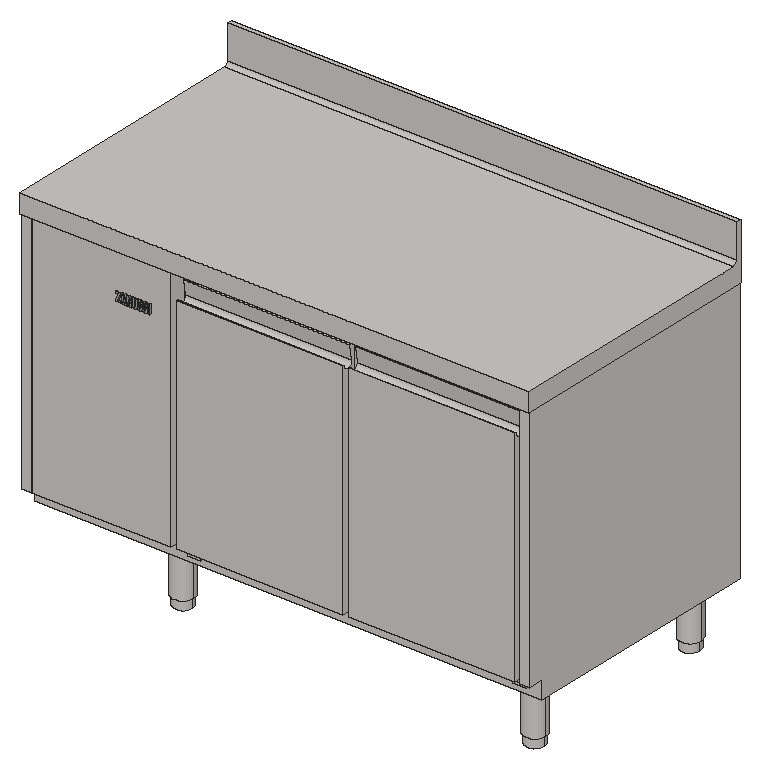
Revit family "QF_ZANUSSI_111068_ZH2K3AA", category Specialty Equipment, Revit 2018
Family settings
  Round Connector Dimension = Use Diameter
  Part Type = Normal
  Work Plane-Based = No
  Always vertical = Yes
  Cut with Voids When Loaded = No
  Shared = No
  Room Calculation Point = No
Parameters
  Weight = 0.00 kg
  Watts = 0.0418064 W
  Volts = 220 V
  URL Manufacturer = "http://www.zanussiprofessional.com/"
  URL = "http://www.zanussiprofessional.com/"
  Steam Supply Size = 0 mm
  Steam Supply Minimum Pressure = 0.0 Pa
  Steam Supply Maximum Pressure = 0.0 Pa
  Steam Pounds per Hour = 0
  Show Logo [instance] = yes
  Show Clearance [instance] = yes
  Refrigeration Suction Line Size = 0 mm
  Refrigeration Liquid Line Size = 0 mm
  Refrigerant Compressor Remote = yes
  Manufacturer = "Zanussi"
  Phase = 1
  Model = "ZH2K3AA"
  Length Actual = 1345 mm  # constant formula
  Item Number = "111068"
  Hot Water Size = 0 mm
  Height Actual = 1000 mm  # constant formula
  HP = "0.6 HP"
  Gas Size = 0 mm
  Gas KW = 0
  Gas Input Pressure = 0 W
  Description = "2 DOORS FREEZER TABLE 290L-SPLASHB"
  Depth Actual = 700 mm  # constant formula
  Cycle = 50 Hz
  Condensate Return Size = 0 mm
  Compressed Air Volume = 0.0 L/s
  Compressed Air Size = 0 mm
  Compressed Air Pressure = 0.0 Pa
  Cold Water Size = 0 mm
  Accessory = yes
Reference planes
  plane 1 "Center X": y = 182.5
  plane 2: z = 0
  plane 3 "Center Y": x = -126.5
  plane 4: y = -62.5
  plane 5: y = 451.5
  plane 6 "BACK": y = 532.5
  plane 7 "FRONT": y = -167.5
  plane 8: x = -452
  plane 9: x = 478
  plane 10: z = 150
  plane 11 "TOP": z = 900
  plane 12: z = 850
  plane 13 "LEFT": x = -797
  plane 14 "RIGHT": x = 544
  plane 15: x = -799
  plane 16: x = 546
Forms (mm)
  Extrusion 1, solid, material "QF_Finishes_Stainless Steel"
    sketch origin (-126.5, 2, 0) x (0, 1, 0) y (0, 0, 1)
      loop
        line (530.5, 150) -> (530.5, 850) -> (-124.5, 850) -> (-124.5, 150) -> (530.5, 150)
    from -670.5 to 670.5
  Extrusion 2, solid, material "QF_Finishes_Stainless Steel"
    sketch origin (-1022.223, -1524, 150) x (-1, 0, 0) y (0, -1, 0)
      loop
        line (-225.223, -1361.5) -> (-250.223, -1361.5) -> (-250.223, -1401.5) -> (-225.223, -1401.5) -> (-225.223, -1361.5)
      loop
        line (-1566.223, -1401.5) -> (-1541.223, -1401.5) -> (-1541.223, -1361.5) -> (-1566.223, -1361.5) -> (-1566.223, -1401.5)
    from 47 to 700
  Extrusion 3, solid, material "QF_Finishes_Stainless Steel"
    sketch origin (0, 0, 900) x (-1, 0, 0) y (0, -1, 0)
      loop
        circle (-57, -94.5) r 8.45
    from -790.577 to -750
  Extrusion 4, solid, material "QF_Finishes_Stainless Steel"
    sketch origin (0, 0, 0) x (1, 0, 0) y (0, 1, 0)
      loop
        circle (-713, 451.5) r 4
    from 109.423 to 150
  Extrusion 5, solid, material "QF_Finishes_Stainless Steel"
    sketch origin (-126.5, 0, 0) x (0, 1, 0) y (0, 0, 1)
      loop
        line (-167.5, 900) -> (-167.5, 850) -> (532.5, 850) -> (532.5, 1000) -> (519.5, 1000) -> (519.5, 910)
        arc (519.5, 910) -> (516.571, 902.929) -> (509.5, 900) r 10
        line (509.5, 900) -> (-167.5, 900)
    from 672.5 to -672.5
Cuts and joins
  joined: Extrusion 1, Extrusion 2
Lines and regions (mm)
  symbolic lines, style "SpecialityEquipmentHiddenLines"
    curve 1: line (-799, -122.5, 900) -> (546, -122.5, 900)
    curve 2: line (-396, -167.5, 900) -> (-396, -122.5, 900)
  symbolic lines, style "SpecialityEquipment"
    curve 3: line (-799, 532.5, 900) -> (546, 532.5, 900)
    curve 4: line (-799, 532.5, 900) -> (-799, -167.5, 900)
    curve 5: line (-799, -167.5, 900) -> (546, -167.5, 900)
    curve 6: line (546, -167.5, 900) -> (546, 532.5, 900)
    curve 7: line (-799, 519.5, 900) -> (546, 519.5, 900)
Dimensions and locks
  locked: plane 6 "BACK" to plane 7 "FRONT" at 700
  equal spacing: plane 6 "BACK", plane 1 "Center X", plane 7 "FRONT"
  locked: plane 6 "BACK" to plane 5 at 81
  plane 10 to level = 150 mm
  plane 11 "TOP" to plane 12 to plane 10 = 50 mm locked, 700 mm locked
  locked: Extrusion 2 sketch curve to Extrusion 2 sketch curve at 25  (x2)
  locked: plane 4 to plane 7 "FRONT" at 105
  locked: plane 6 "BACK" to Extrusion 3 sketch curve at 438
  equal spacing: plane 13 "LEFT", plane 3 "Center Y", plane 14 "RIGHT"
  plane 15 to plane 16 = 1345 mm
  locked: plane 13 "LEFT" to plane 8 at 345
  locked: plane 9 to plane 14 "RIGHT" at 66
  locked: Extrusion 3 sketch curve to plane 14 "RIGHT" at 487
  plane 13 "LEFT" to Extrusion 4 sketch curve = 84 mm
  locked: plane 6 "BACK" to Extrusion 4 sketch curve at 81
  locked: plane 10 to Extrusion 4 at 40.577
  aligned and locked: level to plane 2
  aligned and locked: plane 10 to Extrusion 3
  aligned and locked: nested 4 to plane 4
  aligned and locked: nested 1 to plane 4
  aligned and locked: nested 3 to plane 5
  aligned and locked: nested 2 to plane 5
  aligned and locked: plane 8 to nested 1
  aligned and locked: plane 8 to nested 2
  aligned and locked: plane 9 to nested 4
  aligned and locked: plane 9 to nested 3
  aligned and locked: Extrusion 1 to Extrusion 2
  aligned and locked: Extrusion 2 to Extrusion 1
  aligned and locked: Extrusion 2 sketch curve to plane 14 "RIGHT"
  aligned and locked: plane 13 "LEFT" to Extrusion 2 sketch curve
  aligned and locked: cut or joined group of Extrusion 1, Extrusion 2 to plane 10
  aligned and locked: plane 12 to cut or joined group of Extrusion 1, Extrusion 2
  aligned and locked: plane 10 to Extrusion 4
  aligned and locked: Extrusion 5 sketch curve to plane 11 "TOP"
  aligned and locked: plane 7 "FRONT" to Extrusion 5 sketch curve
  aligned and locked: Extrusion 5 sketch curve to cut or joined group of Extrusion 1, Extrusion 2  (x2)
  aligned and locked: Extrusion 5 to curve 3
Automatic sketch dimensions
  plane 7 "FRONT" to Extrusion 2 sketch curve = 45 mm  (x2)
  plane 7 "FRONT" to Extrusion 2 sketch curve = 5 mm  (x2)
  Extrusion 1 sketch curve to plane 10 = 0 mm
  Extrusion 1 sketch curve to plane 12 = 0 mm
  Extrusion 1 sketch curve to plane 6 "BACK" = 0 mm
  plane 7 "FRONT" to Extrusion 1 sketch curve = 45 mm
  plane 11 "TOP" to Extrusion 5 sketch curve = 10 mm
  Extrusion 5 sketch curve to plane 6 "BACK" = 23 mm
  Extrusion 5 sketch curve to Extrusion 5 sketch curve = 90 mm
  curve 2 to plane 7 "FRONT" = 0 mm
  curve 5 to plane 15 = 0 mm
  curve 3 to plane 6 "BACK" = 0 mm
  plane 8 to curve 2 = 56 mm
  curve 7 to plane 6 "BACK" = 13 mm
  plane 7 "FRONT" to curve 1 = 45 mm
  radius of Extrusion 3 sketch curve = 8.45 mm
  radius of Extrusion 4 sketch curve = 4 mm
Nested families
  nested 1: "Foot_Ø50_H150" at (-452, -62.5, 0), type "Foot_Ø50_H150"
  nested 2: "Foot_Ø50_H150" at (-452, 451.5, 0), type "Foot_Ø50_H150"
  nested 3: "Foot_Ø50_H150" at (478, 451.5, 0), type "Foot_Ø50_H150"
  nested 4: "Foot_Ø50_H150" at (478, -62.5, 0), type "Foot_Ø50_H150"
  nested 5: "Door" at (285, -164.5, 0), Show Clearance <- "Show Clearance", type "Door"
  nested 6: "Door" at (-169, -164.5, 0) x (-1, 0, 0) z (0, 0, 1), Show Clearance <- "Show Clearance", type "Door"
  nested 7: "Freezer" at (544, -167.5, 900), type "Freezer"
  nested 8: "ZAN_Cooling Unit" at (-587.5, -164.5, 0), Show Logo <- "Show Logo", type "ZAN_Cooling Unit"
Connectors
  electrical at (-713, 451.5, 109.423), driven by "Volts"
    settings: on Extrusion 4, index 4, voltage 220 V, apparent load 0 VA, apparent load phase1 0 VA, apparent load phase2 0 VA, apparent load phase3 0 VA, power factor 1, load classification "Altro", number of poles 1, system type 30, power factor state 1, is connector primary yes, connector utility no, sub classification motor no, connector description "Electrical Connection"
  piping at (57, 94.5, 109.423), diameter 17
    settings: on Extrusion 3, index 5, connector inside diameter 609.6 mm, connector length 0 mm, flow factor 0, pipe flow 0.0 L/s, pressure drop 0.0 Pa, fitting loss kfactor 0, connector angle 0.00°, fixture units 0, engagement length 0 mm, angle of deflection 0.00°, flow configuration 1, flow direction 2, fitting loss method 0, system type 16, joint type 0, gender type 0, connector reference index -1, connector utility 0, adjustable connector no, is connector primary yes, connector description "Drain"
Definition of nested family "Foot_Ø50_H150"
  Reference planes
    plane 1 "Centro (Fronte/Retro)": y = 0
    plane 2: z = 0
    plane 3 "Centro (Sinistra/Destra)": x = 0
    plane 4: z = 150
  Forms (mm)
    Revolve 1, solid
      sketch origin (255.05, 0, 608.09) x (0, 0, 1) y (-1, 0, 0)
        loop
          line (-608.09, 255.05) -> (-608.09, 230.05) -> (-583.09, 230.05) -> (-583.09, 226.05) -> (-458.09, 226.05) -> (-458.09, 255.05) -> (-608.09, 255.05)
        axis (-608.09, 255.05) -> (-458.09, 255.05)
      angle from 0 to 360
  Dimensions and locks
    locked: Revolve 1 sketch curve to Revolve 1 sketch curve at 125
    aligned and locked: level to plane 2
    aligned and locked: plane 4 to Revolve 1 sketch curve
    aligned and locked: Revolve 1 sketch curve to level
    aligned and locked: plane 3 "Centro (Sinistra/Destra)" to Revolve 1 sketch curve
Definition of nested family "Door"
  Parameters
    Show Clearance [instance] = yes
  Reference planes
    plane 1 "FRONT": y = -3
    plane 2: z = 0
    plane 3 "Centro (Sinistra/Destra)": x = 0
    plane 4: z = 150
    plane 5: z = 850
    plane 6: x = -234
    plane 7: x = 234
    plane 8: x = -220
    plane 9: x = 220
  Forms (mm)
    Extrusion 1, solid
      sketch origin (0, 53, 511) x (0, 0, 1) y (0, -1, 0)
        loop
          line (-323.003, 28.5) -> (-316.501, 28.5) -> (-316.501, 31) -> (-325.503, 31) -> (-325.503, 13.5) -> (-345.503, 13.5) -> (-345.503, 11) -> (-323.003, 11) -> (-323.003, 23.259) -> (-323.003, 28.5)
        loop
          line (-314, 27) -> (-316.501, 27) -> (-316.501, 18.501) -> (-319.752, 18.501) -> (-319.752, 16) -> (-314, 16) -> (-314, 27)
        loop
          line (315.003, 27) -> (315.003, 13.948) -> (315.003, 11) -> (327.503, 11) -> (327.503, 13.5) -> (317.503, 13.5) -> (317.503, 27) -> (315.003, 27)
      from 185 to 220
    Extrusion 2, solid, visible <- "Show Clearance", detail levels coarse
      sketch origin (0, 53, 511) x (0, -1, 0) y (1, 0, 0)
        loop
          line (51, 220) -> (51, -220)
          arc (51, -220) -> (339.234, -79.44) -> (454, 220) r 437.168
          line (454, 220) -> (51, 220)
      from -314 to 314
    Extrusion 3, solid
      sketch origin (0, 55, 511) x (0, 0, 1) y (0, -1, 0)
        loop
          line (314, 18) -> (314, 29) -> (274.395, 22.5)
          arc (274.395, 22.5) -> (260.395, 36.5) -> (274.395, 50.5) r 14
          line (274.395, 50.5) -> (274.395, 53) -> (-314, 53) -> (-314, 18) -> (314, 18)
      from -220 to 220
  Lines and regions (mm)
    symbolic lines
      curve 1: line (220, -3, 0) -> (220, -401, 0)
      curve 2: line (220, -401, 0) -> (185, -401, 0)
      curve 3: line (185, -401, 0) -> (185, -3, 0)
      curve 4: arc (-219.722, -3, 0) -> (-89.51, -275.368, 0) -> (185, -401, 0) r 442.855
  Dimensions and locks
    aligned and locked: level to plane 2
Definition of nested family "ZAN_Cooling Unit"
  Parameters
    Show Logo [instance] = yes
  Reference planes
    plane 1 "FRONT": y = -3
    plane 2: z = 0
    plane 3 "Centro (Sinistra/Destra)": x = 0
    plane 4: z = 150
    plane 5: z = 850
    plane 6: x = -184.5
    plane 7: x = 184.5
  Forms (mm)
    Extrusion 1, solid
      sketch origin (0, 55, 511) x (0, 0, 1) y (0, -1, 0)
        loop
          line (-314, 53) -> (-314, 13) -> (339, 13) -> (339, 53) -> (-314, 53)
      from -184.5 to 184.5
  Lines and regions (mm)
    Split face 1
      outline origin (0, 2, 197) x (0, 0, 1) y (-1, 0, 0)
        loop
          line (566.835, 184.5) -> (566.835, -184.5)
        loop
          line (521.835, 184.5) -> (521.835, -184.5)
    Split face 2
      outline origin (0, 2, 197) x (0, 0, 1) y (-1, 0, 0)
        loop
          arc (510.649, 158.547) -> (506.648, 162.548) -> (502.647, 158.547) r 4.001
          line (502.647, 158.547) -> (502.647, 116.535)
          arc (502.647, 116.535) -> (506.648, 112.533) -> (510.649, 116.535) r 4.001
          line (510.649, 116.535) -> (510.649, 158.547)
    Split face 3
      outline origin (0, 2, 184.996) x (0, 0, 1) y (-1, 0, 0)
        loop
          arc (510.649, 158.547) -> (506.648, 162.548) -> (502.647, 158.547) r 4.001
          line (502.647, 158.547) -> (502.647, 116.535)
          arc (502.647, 116.535) -> (506.648, 112.533) -> (510.649, 116.535) r 4.001
          line (510.649, 116.535) -> (510.649, 158.547)
    Split face 4
      outline origin (0, 2, 172.993) x (0, 0, 1) y (-1, 0, 0)
        loop
          arc (510.649, 158.547) -> (506.648, 162.548) -> (502.647, 158.547) r 4.001
          line (502.647, 158.547) -> (502.647, 116.535)
          arc (502.647, 116.535) -> (506.648, 112.533) -> (510.649, 116.535) r 4.001
          line (510.649, 116.535) -> (510.649, 158.547)
    Split face 5
      outline origin (0, 2, 160.989) x (0, 0, 1) y (-1, 0, 0)
        loop
          arc (510.649, 158.547) -> (506.648, 162.548) -> (502.647, 158.547) r 4.001
          line (502.647, 158.547) -> (502.647, 116.535)
          arc (502.647, 116.535) -> (506.648, 112.533) -> (510.649, 116.535) r 4.001
          line (510.649, 116.535) -> (510.649, 158.547)
    Split face 6
      outline origin (0, 2, 148.986) x (0, 0, 1) y (-1, 0, 0)
        loop
          arc (510.649, 158.547) -> (506.648, 162.548) -> (502.647, 158.547) r 4.001
          line (502.647, 158.547) -> (502.647, 116.535)
          arc (502.647, 116.535) -> (506.648, 112.533) -> (510.649, 116.535) r 4.001
          line (510.649, 116.535) -> (510.649, 158.547)
    Split face 7
      outline origin (0, 2, 136.982) x (0, 0, 1) y (-1, 0, 0)
        loop
          arc (510.649, 158.547) -> (506.648, 162.548) -> (502.647, 158.547) r 4.001
          line (502.647, 158.547) -> (502.647, 116.535)
          arc (502.647, 116.535) -> (506.648, 112.533) -> (510.649, 116.535) r 4.001
          line (510.649, 116.535) -> (510.649, 158.547)
    Split face 8
      outline origin (0, 2, 124.979) x (0, 0, 1) y (-1, 0, 0)
        loop
          arc (510.649, 158.547) -> (506.648, 162.548) -> (502.647, 158.547) r 4.001
          line (502.647, 158.547) -> (502.647, 116.535)
          arc (502.647, 116.535) -> (506.648, 112.533) -> (510.649, 116.535) r 4.001
          line (510.649, 116.535) -> (510.649, 158.547)
    Split face 9
      outline origin (0, 2, 112.975) x (0, 0, 1) y (-1, 0, 0)
        loop
          arc (510.649, 158.547) -> (506.648, 162.548) -> (502.647, 158.547) r 4.001
          line (502.647, 158.547) -> (502.647, 116.535)
          arc (502.647, 116.535) -> (506.648, 112.533) -> (510.649, 116.535) r 4.001
          line (510.649, 116.535) -> (510.649, 158.547)
    Split face 10
      outline origin (0, 2, 100.972) x (0, 0, 1) y (-1, 0, 0)
        loop
          arc (510.649, 158.547) -> (506.648, 162.548) -> (502.647, 158.547) r 4.001
          line (502.647, 158.547) -> (502.647, 116.535)
          arc (502.647, 116.535) -> (506.648, 112.533) -> (510.649, 116.535) r 4.001
          line (510.649, 116.535) -> (510.649, 158.547)
    Split face 11
      outline origin (0, 2, 88.968) x (0, 0, 1) y (-1, 0, 0)
        loop
          arc (510.649, 158.547) -> (506.648, 162.548) -> (502.647, 158.547) r 4.001
          line (502.647, 158.547) -> (502.647, 116.535)
          arc (502.647, 116.535) -> (506.648, 112.533) -> (510.649, 116.535) r 4.001
          line (510.649, 116.535) -> (510.649, 158.547)
    Split face 12
      outline origin (0, 2, 76.965) x (0, 0, 1) y (-1, 0, 0)
        loop
          arc (510.649, 158.547) -> (506.648, 162.548) -> (502.647, 158.547) r 4.001
          line (502.647, 158.547) -> (502.647, 116.535)
          arc (502.647, 116.535) -> (506.648, 112.533) -> (510.649, 116.535) r 4.001
          line (510.649, 116.535) -> (510.649, 158.547)
    Split face 13
      outline origin (0, 2, 64.961) x (0, 0, 1) y (-1, 0, 0)
        loop
          arc (510.649, 158.547) -> (506.648, 162.548) -> (502.647, 158.547) r 4.001
          line (502.647, 158.547) -> (502.647, 116.535)
          arc (502.647, 116.535) -> (506.648, 112.533) -> (510.649, 116.535) r 4.001
          line (510.649, 116.535) -> (510.649, 158.547)
    Split face 14
      outline origin (0, 2, 52.958) x (0, 0, 1) y (-1, 0, 0)
        loop
          arc (510.649, 158.547) -> (506.648, 162.548) -> (502.647, 158.547) r 4.001
          line (502.647, 158.547) -> (502.647, 116.535)
          arc (502.647, 116.535) -> (506.648, 112.533) -> (510.649, 116.535) r 4.001
          line (510.649, 116.535) -> (510.649, 158.547)
    Split face 15
      outline origin (0, 2, 40.954) x (0, 0, 1) y (-1, 0, 0)
        loop
          arc (510.649, 158.547) -> (506.648, 162.548) -> (502.647, 158.547) r 4.001
          line (502.647, 158.547) -> (502.647, 116.535)
          arc (502.647, 116.535) -> (506.648, 112.533) -> (510.649, 116.535) r 4.001
          line (510.649, 116.535) -> (510.649, 158.547)
    Split face 16
      outline origin (0, 2, 28.951) x (0, 0, 1) y (-1, 0, 0)
        loop
          arc (510.649, 158.547) -> (506.648, 162.548) -> (502.647, 158.547) r 4.001
          line (502.647, 158.547) -> (502.647, 116.535)
          arc (502.647, 116.535) -> (506.648, 112.533) -> (510.649, 116.535) r 4.001
          line (510.649, 116.535) -> (510.649, 158.547)
    Split face 17
      outline origin (0, 2, 16.947) x (0, 0, 1) y (-1, 0, 0)
        loop
          arc (510.649, 158.547) -> (506.648, 162.548) -> (502.647, 158.547) r 4.001
          line (502.647, 158.547) -> (502.647, 116.535)
          arc (502.647, 116.535) -> (506.648, 112.533) -> (510.649, 116.535) r 4.001
          line (510.649, 116.535) -> (510.649, 158.547)
    Split face 18
      outline origin (55.016, 2, 197) x (0, 0, 1) y (-1, 0, 0)
        loop
          arc (510.649, 158.547) -> (506.648, 162.548) -> (502.647, 158.547) r 4.001
          line (502.647, 158.547) -> (502.647, 116.535)
          arc (502.647, 116.535) -> (506.648, 112.533) -> (510.649, 116.535) r 4.001
          line (510.649, 116.535) -> (510.649, 158.547)
    Split face 19
      outline origin (55.016, 2, 184.996) x (0, 0, 1) y (-1, 0, 0)
        loop
          arc (510.649, 158.547) -> (506.648, 162.548) -> (502.647, 158.547) r 4.001
          line (502.647, 158.547) -> (502.647, 116.535)
          arc (502.647, 116.535) -> (506.648, 112.533) -> (510.649, 116.535) r 4.001
          line (510.649, 116.535) -> (510.649, 158.547)
    Split face 20
      outline origin (55.016, 2, 172.993) x (0, 0, 1) y (-1, 0, 0)
        loop
          arc (510.649, 158.547) -> (506.648, 162.548) -> (502.647, 158.547) r 4.001
          line (502.647, 158.547) -> (502.647, 116.535)
          arc (502.647, 116.535) -> (506.648, 112.533) -> (510.649, 116.535) r 4.001
          line (510.649, 116.535) -> (510.649, 158.547)
    Split face 21
      outline origin (55.016, 2, 160.989) x (0, 0, 1) y (-1, 0, 0)
        loop
          arc (510.649, 158.547) -> (506.648, 162.548) -> (502.647, 158.547) r 4.001
          line (502.647, 158.547) -> (502.647, 116.535)
          arc (502.647, 116.535) -> (506.648, 112.533) -> (510.649, 116.535) r 4.001
          line (510.649, 116.535) -> (510.649, 158.547)
    Split face 22
      outline origin (55.016, 2, 148.986) x (0, 0, 1) y (-1, 0, 0)
        loop
          arc (510.649, 158.547) -> (506.648, 162.548) -> (502.647, 158.547) r 4.001
          line (502.647, 158.547) -> (502.647, 116.535)
          arc (502.647, 116.535) -> (506.648, 112.533) -> (510.649, 116.535) r 4.001
          line (510.649, 116.535) -> (510.649, 158.547)
    Split face 23
      outline origin (55.016, 2, 136.982) x (0, 0, 1) y (-1, 0, 0)
        loop
          arc (510.649, 158.547) -> (506.648, 162.548) -> (502.647, 158.547) r 4.001
          line (502.647, 158.547) -> (502.647, 116.535)
          arc (502.647, 116.535) -> (506.648, 112.533) -> (510.649, 116.535) r 4.001
          line (510.649, 116.535) -> (510.649, 158.547)
    Split face 24
      outline origin (55.016, 2, 124.979) x (0, 0, 1) y (-1, 0, 0)
        loop
          arc (510.649, 158.547) -> (506.648, 162.548) -> (502.647, 158.547) r 4.001
          line (502.647, 158.547) -> (502.647, 116.535)
          arc (502.647, 116.535) -> (506.648, 112.533) -> (510.649, 116.535) r 4.001
          line (510.649, 116.535) -> (510.649, 158.547)
    Split face 25
      outline origin (55.016, 2, 112.975) x (0, 0, 1) y (-1, 0, 0)
        loop
          arc (510.649, 158.547) -> (506.648, 162.548) -> (502.647, 158.547) r 4.001
          line (502.647, 158.547) -> (502.647, 116.535)
          arc (502.647, 116.535) -> (506.648, 112.533) -> (510.649, 116.535) r 4.001
          line (510.649, 116.535) -> (510.649, 158.547)
    Split face 26
      outline origin (55.016, 2, 100.972) x (0, 0, 1) y (-1, 0, 0)
        loop
          arc (510.649, 158.547) -> (506.648, 162.548) -> (502.647, 158.547) r 4.001
          line (502.647, 158.547) -> (502.647, 116.535)
          arc (502.647, 116.535) -> (506.648, 112.533) -> (510.649, 116.535) r 4.001
          line (510.649, 116.535) -> (510.649, 158.547)
    Split face 27
      outline origin (55.016, 2, 88.968) x (0, 0, 1) y (-1, 0, 0)
        loop
          arc (510.649, 158.547) -> (506.648, 162.548) -> (502.647, 158.547) r 4.001
          line (502.647, 158.547) -> (502.647, 116.535)
          arc (502.647, 116.535) -> (506.648, 112.533) -> (510.649, 116.535) r 4.001
          line (510.649, 116.535) -> (510.649, 158.547)
    Split face 28
      outline origin (55.016, 2, 76.965) x (0, 0, 1) y (-1, 0, 0)
        loop
          arc (510.649, 158.547) -> (506.648, 162.548) -> (502.647, 158.547) r 4.001
          line (502.647, 158.547) -> (502.647, 116.535)
          arc (502.647, 116.535) -> (506.648, 112.533) -> (510.649, 116.535) r 4.001
          line (510.649, 116.535) -> (510.649, 158.547)
    Split face 29
      outline origin (55.016, 2, 64.961) x (0, 0, 1) y (-1, 0, 0)
        loop
          arc (510.649, 158.547) -> (506.648, 162.548) -> (502.647, 158.547) r 4.001
          line (502.647, 158.547) -> (502.647, 116.535)
          arc (502.647, 116.535) -> (506.648, 112.533) -> (510.649, 116.535) r 4.001
          line (510.649, 116.535) -> (510.649, 158.547)
    Split face 30
      outline origin (55.016, 2, 52.958) x (0, 0, 1) y (-1, 0, 0)
        loop
          arc (510.649, 158.547) -> (506.648, 162.548) -> (502.647, 158.547) r 4.001
          line (502.647, 158.547) -> (502.647, 116.535)
          arc (502.647, 116.535) -> (506.648, 112.533) -> (510.649, 116.535) r 4.001
          line (510.649, 116.535) -> (510.649, 158.547)
    Split face 31
      outline origin (55.016, 2, 40.954) x (0, 0, 1) y (-1, 0, 0)
        loop
          arc (510.649, 158.547) -> (506.648, 162.548) -> (502.647, 158.547) r 4.001
          line (502.647, 158.547) -> (502.647, 116.535)
          arc (502.647, 116.535) -> (506.648, 112.533) -> (510.649, 116.535) r 4.001
          line (510.649, 116.535) -> (510.649, 158.547)
    Split face 32
      outline origin (55.016, 2, 28.951) x (0, 0, 1) y (-1, 0, 0)
        loop
          arc (510.649, 158.547) -> (506.648, 162.548) -> (502.647, 158.547) r 4.001
          line (502.647, 158.547) -> (502.647, 116.535)
          arc (502.647, 116.535) -> (506.648, 112.533) -> (510.649, 116.535) r 4.001
          line (510.649, 116.535) -> (510.649, 158.547)
    Split face 33
      outline origin (55.016, 2, 16.947) x (0, 0, 1) y (-1, 0, 0)
        loop
          arc (510.649, 158.547) -> (506.648, 162.548) -> (502.647, 158.547) r 4.001
          line (502.647, 158.547) -> (502.647, 116.535)
          arc (502.647, 116.535) -> (506.648, 112.533) -> (510.649, 116.535) r 4.001
          line (510.649, 116.535) -> (510.649, 158.547)
    Split face 34
      outline origin (110.032, 2, 197) x (0, 0, 1) y (-1, 0, 0)
        loop
          arc (510.649, 158.547) -> (506.648, 162.548) -> (502.647, 158.547) r 4.001
          line (502.647, 158.547) -> (502.647, 116.535)
          arc (502.647, 116.535) -> (506.648, 112.533) -> (510.649, 116.535) r 4.001
          line (510.649, 116.535) -> (510.649, 158.547)
    Split face 35
      outline origin (110.032, 2, 184.996) x (0, 0, 1) y (-1, 0, 0)
        loop
          arc (510.649, 158.547) -> (506.648, 162.548) -> (502.647, 158.547) r 4.001
          line (502.647, 158.547) -> (502.647, 116.535)
          arc (502.647, 116.535) -> (506.648, 112.533) -> (510.649, 116.535) r 4.001
          line (510.649, 116.535) -> (510.649, 158.547)
    Split face 36
      outline origin (110.032, 2, 172.993) x (0, 0, 1) y (-1, 0, 0)
        loop
          arc (510.649, 158.547) -> (506.648, 162.548) -> (502.647, 158.547) r 4.001
          line (502.647, 158.547) -> (502.647, 116.535)
          arc (502.647, 116.535) -> (506.648, 112.533) -> (510.649, 116.535) r 4.001
          line (510.649, 116.535) -> (510.649, 158.547)
    Split face 37
      outline origin (110.032, 2, 160.989) x (0, 0, 1) y (-1, 0, 0)
        loop
          arc (510.649, 158.547) -> (506.648, 162.548) -> (502.647, 158.547) r 4.001
          line (502.647, 158.547) -> (502.647, 116.535)
          arc (502.647, 116.535) -> (506.648, 112.533) -> (510.649, 116.535) r 4.001
          line (510.649, 116.535) -> (510.649, 158.547)
    Split face 38
      outline origin (110.032, 2, 148.986) x (0, 0, 1) y (-1, 0, 0)
        loop
          arc (510.649, 158.547) -> (506.648, 162.548) -> (502.647, 158.547) r 4.001
          line (502.647, 158.547) -> (502.647, 116.535)
          arc (502.647, 116.535) -> (506.648, 112.533) -> (510.649, 116.535) r 4.001
          line (510.649, 116.535) -> (510.649, 158.547)
    Split face 39
      outline origin (110.032, 2, 136.982) x (0, 0, 1) y (-1, 0, 0)
        loop
          arc (510.649, 158.547) -> (506.648, 162.548) -> (502.647, 158.547) r 4.001
          line (502.647, 158.547) -> (502.647, 116.535)
          arc (502.647, 116.535) -> (506.648, 112.533) -> (510.649, 116.535) r 4.001
          line (510.649, 116.535) -> (510.649, 158.547)
    Split face 40
      outline origin (110.032, 2, 124.979) x (0, 0, 1) y (-1, 0, 0)
        loop
          arc (510.649, 158.547) -> (506.648, 162.548) -> (502.647, 158.547) r 4.001
          line (502.647, 158.547) -> (502.647, 116.535)
          arc (502.647, 116.535) -> (506.648, 112.533) -> (510.649, 116.535) r 4.001
          line (510.649, 116.535) -> (510.649, 158.547)
    Split face 41
      outline origin (110.032, 2, 112.975) x (0, 0, 1) y (-1, 0, 0)
        loop
          arc (510.649, 158.547) -> (506.648, 162.548) -> (502.647, 158.547) r 4.001
          line (502.647, 158.547) -> (502.647, 116.535)
          arc (502.647, 116.535) -> (506.648, 112.533) -> (510.649, 116.535) r 4.001
          line (510.649, 116.535) -> (510.649, 158.547)
    Split face 42
      outline origin (110.032, 2, 100.972) x (0, 0, 1) y (-1, 0, 0)
        loop
          arc (510.649, 158.547) -> (506.648, 162.548) -> (502.647, 158.547) r 4.001
          line (502.647, 158.547) -> (502.647, 116.535)
          arc (502.647, 116.535) -> (506.648, 112.533) -> (510.649, 116.535) r 4.001
          line (510.649, 116.535) -> (510.649, 158.547)
    Split face 43
      outline origin (110.032, 2, 88.968) x (0, 0, 1) y (-1, 0, 0)
        loop
          arc (510.649, 158.547) -> (506.648, 162.548) -> (502.647, 158.547) r 4.001
          line (502.647, 158.547) -> (502.647, 116.535)
          arc (502.647, 116.535) -> (506.648, 112.533) -> (510.649, 116.535) r 4.001
          line (510.649, 116.535) -> (510.649, 158.547)
    Split face 44
      outline origin (110.032, 2, 76.965) x (0, 0, 1) y (-1, 0, 0)
        loop
          arc (510.649, 158.547) -> (506.648, 162.548) -> (502.647, 158.547) r 4.001
          line (502.647, 158.547) -> (502.647, 116.535)
          arc (502.647, 116.535) -> (506.648, 112.533) -> (510.649, 116.535) r 4.001
          line (510.649, 116.535) -> (510.649, 158.547)
    Split face 45
      outline origin (110.032, 2, 64.961) x (0, 0, 1) y (-1, 0, 0)
        loop
          arc (510.649, 158.547) -> (506.648, 162.548) -> (502.647, 158.547) r 4.001
          line (502.647, 158.547) -> (502.647, 116.535)
          arc (502.647, 116.535) -> (506.648, 112.533) -> (510.649, 116.535) r 4.001
          line (510.649, 116.535) -> (510.649, 158.547)
    Split face 46
      outline origin (110.032, 2, 52.958) x (0, 0, 1) y (-1, 0, 0)
        loop
          arc (510.649, 158.547) -> (506.648, 162.548) -> (502.647, 158.547) r 4.001
          line (502.647, 158.547) -> (502.647, 116.535)
          arc (502.647, 116.535) -> (506.648, 112.533) -> (510.649, 116.535) r 4.001
          line (510.649, 116.535) -> (510.649, 158.547)
    Split face 47
      outline origin (110.032, 2, 40.954) x (0, 0, 1) y (-1, 0, 0)
        loop
          arc (510.649, 158.547) -> (506.648, 162.548) -> (502.647, 158.547) r 4.001
          line (502.647, 158.547) -> (502.647, 116.535)
          arc (502.647, 116.535) -> (506.648, 112.533) -> (510.649, 116.535) r 4.001
          line (510.649, 116.535) -> (510.649, 158.547)
    Split face 48
      outline origin (110.032, 2, 28.951) x (0, 0, 1) y (-1, 0, 0)
        loop
          arc (510.649, 158.547) -> (506.648, 162.548) -> (502.647, 158.547) r 4.001
          line (502.647, 158.547) -> (502.647, 116.535)
          arc (502.647, 116.535) -> (506.648, 112.533) -> (510.649, 116.535) r 4.001
          line (510.649, 116.535) -> (510.649, 158.547)
    Split face 49
      outline origin (110.032, 2, 16.947) x (0, 0, 1) y (-1, 0, 0)
        loop
          arc (510.649, 158.547) -> (506.648, 162.548) -> (502.647, 158.547) r 4.001
          line (502.647, 158.547) -> (502.647, 116.535)
          arc (502.647, 116.535) -> (506.648, 112.533) -> (510.649, 116.535) r 4.001
          line (510.649, 116.535) -> (510.649, 158.547)
    Split face 50
      outline origin (165.048, 2, 197) x (0, 0, 1) y (-1, 0, 0)
        loop
          arc (510.649, 158.547) -> (506.648, 162.548) -> (502.647, 158.547) r 4.001
          line (502.647, 158.547) -> (502.647, 116.535)
          arc (502.647, 116.535) -> (506.648, 112.533) -> (510.649, 116.535) r 4.001
          line (510.649, 116.535) -> (510.649, 158.547)
    Split face 51
      outline origin (165.048, 2, 184.996) x (0, 0, 1) y (-1, 0, 0)
        loop
          arc (510.649, 158.547) -> (506.648, 162.548) -> (502.647, 158.547) r 4.001
          line (502.647, 158.547) -> (502.647, 116.535)
          arc (502.647, 116.535) -> (506.648, 112.533) -> (510.649, 116.535) r 4.001
          line (510.649, 116.535) -> (510.649, 158.547)
    Split face 52
      outline origin (165.048, 2, 172.993) x (0, 0, 1) y (-1, 0, 0)
        loop
          arc (510.649, 158.547) -> (506.648, 162.548) -> (502.647, 158.547) r 4.001
          line (502.647, 158.547) -> (502.647, 116.535)
          arc (502.647, 116.535) -> (506.648, 112.533) -> (510.649, 116.535) r 4.001
          line (510.649, 116.535) -> (510.649, 158.547)
    Split face 53
      outline origin (165.048, 2, 160.989) x (0, 0, 1) y (-1, 0, 0)
        loop
          arc (510.649, 158.547) -> (506.648, 162.548) -> (502.647, 158.547) r 4.001
          line (502.647, 158.547) -> (502.647, 116.535)
          arc (502.647, 116.535) -> (506.648, 112.533) -> (510.649, 116.535) r 4.001
          line (510.649, 116.535) -> (510.649, 158.547)
    Split face 54
      outline origin (165.048, 2, 148.986) x (0, 0, 1) y (-1, 0, 0)
        loop
          arc (510.649, 158.547) -> (506.648, 162.548) -> (502.647, 158.547) r 4.001
          line (502.647, 158.547) -> (502.647, 116.535)
          arc (502.647, 116.535) -> (506.648, 112.533) -> (510.649, 116.535) r 4.001
          line (510.649, 116.535) -> (510.649, 158.547)
    Split face 55
      outline origin (165.048, 2, 136.982) x (0, 0, 1) y (-1, 0, 0)
        loop
          arc (510.649, 158.547) -> (506.648, 162.548) -> (502.647, 158.547) r 4.001
          line (502.647, 158.547) -> (502.647, 116.535)
          arc (502.647, 116.535) -> (506.648, 112.533) -> (510.649, 116.535) r 4.001
          line (510.649, 116.535) -> (510.649, 158.547)
    Split face 56
      outline origin (165.048, 2, 124.979) x (0, 0, 1) y (-1, 0, 0)
        loop
          arc (510.649, 158.547) -> (506.648, 162.548) -> (502.647, 158.547) r 4.001
          line (502.647, 158.547) -> (502.647, 116.535)
          arc (502.647, 116.535) -> (506.648, 112.533) -> (510.649, 116.535) r 4.001
          line (510.649, 116.535) -> (510.649, 158.547)
    Split face 57
      outline origin (165.048, 2, 112.975) x (0, 0, 1) y (-1, 0, 0)
        loop
          arc (510.649, 158.547) -> (506.648, 162.548) -> (502.647, 158.547) r 4.001
          line (502.647, 158.547) -> (502.647, 116.535)
          arc (502.647, 116.535) -> (506.648, 112.533) -> (510.649, 116.535) r 4.001
          line (510.649, 116.535) -> (510.649, 158.547)
    Split face 58
      outline origin (165.048, 2, 100.972) x (0, 0, 1) y (-1, 0, 0)
        loop
          arc (510.649, 158.547) -> (506.648, 162.548) -> (502.647, 158.547) r 4.001
          line (502.647, 158.547) -> (502.647, 116.535)
          arc (502.647, 116.535) -> (506.648, 112.533) -> (510.649, 116.535) r 4.001
          line (510.649, 116.535) -> (510.649, 158.547)
    Split face 59
      outline origin (165.048, 2, 88.968) x (0, 0, 1) y (-1, 0, 0)
        loop
          arc (510.649, 158.547) -> (506.648, 162.548) -> (502.647, 158.547) r 4.001
          line (502.647, 158.547) -> (502.647, 116.535)
          arc (502.647, 116.535) -> (506.648, 112.533) -> (510.649, 116.535) r 4.001
          line (510.649, 116.535) -> (510.649, 158.547)
    Split face 60
      outline origin (165.048, 2, 76.965) x (0, 0, 1) y (-1, 0, 0)
        loop
          arc (510.649, 158.547) -> (506.648, 162.548) -> (502.647, 158.547) r 4.001
          line (502.647, 158.547) -> (502.647, 116.535)
          arc (502.647, 116.535) -> (506.648, 112.533) -> (510.649, 116.535) r 4.001
          line (510.649, 116.535) -> (510.649, 158.547)
    Split face 61
      outline origin (165.048, 2, 64.961) x (0, 0, 1) y (-1, 0, 0)
        loop
          arc (510.649, 158.547) -> (506.648, 162.548) -> (502.647, 158.547) r 4.001
          line (502.647, 158.547) -> (502.647, 116.535)
          arc (502.647, 116.535) -> (506.648, 112.533) -> (510.649, 116.535) r 4.001
          line (510.649, 116.535) -> (510.649, 158.547)
    Split face 62
      outline origin (165.048, 2, 52.958) x (0, 0, 1) y (-1, 0, 0)
        loop
          arc (510.649, 158.547) -> (506.648, 162.548) -> (502.647, 158.547) r 4.001
          line (502.647, 158.547) -> (502.647, 116.535)
          arc (502.647, 116.535) -> (506.648, 112.533) -> (510.649, 116.535) r 4.001
          line (510.649, 116.535) -> (510.649, 158.547)
    Split face 63
      outline origin (165.048, 2, 40.954) x (0, 0, 1) y (-1, 0, 0)
        loop
          arc (510.649, 158.547) -> (506.648, 162.548) -> (502.647, 158.547) r 4.001
          line (502.647, 158.547) -> (502.647, 116.535)
          arc (502.647, 116.535) -> (506.648, 112.533) -> (510.649, 116.535) r 4.001
          line (510.649, 116.535) -> (510.649, 158.547)
    Split face 64
      outline origin (165.048, 2, 28.951) x (0, 0, 1) y (-1, 0, 0)
        loop
          arc (510.649, 158.547) -> (506.648, 162.548) -> (502.647, 158.547) r 4.001
          line (502.647, 158.547) -> (502.647, 116.535)
          arc (502.647, 116.535) -> (506.648, 112.533) -> (510.649, 116.535) r 4.001
          line (510.649, 116.535) -> (510.649, 158.547)
    Split face 65
      outline origin (165.048, 2, 16.947) x (0, 0, 1) y (-1, 0, 0)
        loop
          arc (510.649, 158.547) -> (506.648, 162.548) -> (502.647, 158.547) r 4.001
          line (502.647, 158.547) -> (502.647, 116.535)
          arc (502.647, 116.535) -> (506.648, 112.533) -> (510.649, 116.535) r 4.001
          line (510.649, 116.535) -> (510.649, 158.547)
    Split face 66
      outline origin (220.064, 2, 197) x (0, 0, 1) y (-1, 0, 0)
        loop
          arc (510.649, 158.547) -> (506.648, 162.548) -> (502.647, 158.547) r 4.001
          line (502.647, 158.547) -> (502.647, 116.535)
          arc (502.647, 116.535) -> (506.648, 112.533) -> (510.649, 116.535) r 4.001
          line (510.649, 116.535) -> (510.649, 158.547)
    Split face 67
      outline origin (220.064, 2, 184.996) x (0, 0, 1) y (-1, 0, 0)
        loop
          arc (510.649, 158.547) -> (506.648, 162.548) -> (502.647, 158.547) r 4.001
          line (502.647, 158.547) -> (502.647, 116.535)
          arc (502.647, 116.535) -> (506.648, 112.533) -> (510.649, 116.535) r 4.001
          line (510.649, 116.535) -> (510.649, 158.547)
    Split face 68
      outline origin (220.064, 2, 172.993) x (0, 0, 1) y (-1, 0, 0)
        loop
          arc (510.649, 158.547) -> (506.648, 162.548) -> (502.647, 158.547) r 4.001
          line (502.647, 158.547) -> (502.647, 116.535)
          arc (502.647, 116.535) -> (506.648, 112.533) -> (510.649, 116.535) r 4.001
          line (510.649, 116.535) -> (510.649, 158.547)
    Split face 69
      outline origin (220.064, 2, 160.989) x (0, 0, 1) y (-1, 0, 0)
        loop
          arc (510.649, 158.547) -> (506.648, 162.548) -> (502.647, 158.547) r 4.001
          line (502.647, 158.547) -> (502.647, 116.535)
          arc (502.647, 116.535) -> (506.648, 112.533) -> (510.649, 116.535) r 4.001
          line (510.649, 116.535) -> (510.649, 158.547)
    Split face 70
      outline origin (220.064, 2, 148.986) x (0, 0, 1) y (-1, 0, 0)
        loop
          arc (510.649, 158.547) -> (506.648, 162.548) -> (502.647, 158.547) r 4.001
          line (502.647, 158.547) -> (502.647, 116.535)
          arc (502.647, 116.535) -> (506.648, 112.533) -> (510.649, 116.535) r 4.001
          line (510.649, 116.535) -> (510.649, 158.547)
    Split face 71
      outline origin (220.064, 2, 136.982) x (0, 0, 1) y (-1, 0, 0)
        loop
          arc (510.649, 158.547) -> (506.648, 162.548) -> (502.647, 158.547) r 4.001
          line (502.647, 158.547) -> (502.647, 116.535)
          arc (502.647, 116.535) -> (506.648, 112.533) -> (510.649, 116.535) r 4.001
          line (510.649, 116.535) -> (510.649, 158.547)
    Split face 72
      outline origin (220.064, 2, 124.979) x (0, 0, 1) y (-1, 0, 0)
        loop
          arc (510.649, 158.547) -> (506.648, 162.548) -> (502.647, 158.547) r 4.001
          line (502.647, 158.547) -> (502.647, 116.535)
          arc (502.647, 116.535) -> (506.648, 112.533) -> (510.649, 116.535) r 4.001
          line (510.649, 116.535) -> (510.649, 158.547)
    Split face 73
      outline origin (220.064, 2, 112.975) x (0, 0, 1) y (-1, 0, 0)
        loop
          arc (510.649, 158.547) -> (506.648, 162.548) -> (502.647, 158.547) r 4.001
          line (502.647, 158.547) -> (502.647, 116.535)
          arc (502.647, 116.535) -> (506.648, 112.533) -> (510.649, 116.535) r 4.001
          line (510.649, 116.535) -> (510.649, 158.547)
    Split face 74
      outline origin (220.064, 2, 100.972) x (0, 0, 1) y (-1, 0, 0)
        loop
          arc (510.649, 158.547) -> (506.648, 162.548) -> (502.647, 158.547) r 4.001
          line (502.647, 158.547) -> (502.647, 116.535)
          arc (502.647, 116.535) -> (506.648, 112.533) -> (510.649, 116.535) r 4.001
          line (510.649, 116.535) -> (510.649, 158.547)
    Split face 75
      outline origin (220.064, 2, 88.968) x (0, 0, 1) y (-1, 0, 0)
        loop
          arc (510.649, 158.547) -> (506.648, 162.548) -> (502.647, 158.547) r 4.001
          line (502.647, 158.547) -> (502.647, 116.535)
          arc (502.647, 116.535) -> (506.648, 112.533) -> (510.649, 116.535) r 4.001
          line (510.649, 116.535) -> (510.649, 158.547)
    Split face 76
      outline origin (220.064, 2, 76.965) x (0, 0, 1) y (-1, 0, 0)
        loop
          arc (510.649, 158.547) -> (506.648, 162.548) -> (502.647, 158.547) r 4.001
          line (502.647, 158.547) -> (502.647, 116.535)
          arc (502.647, 116.535) -> (506.648, 112.533) -> (510.649, 116.535) r 4.001
          line (510.649, 116.535) -> (510.649, 158.547)
    Split face 77
      outline origin (220.064, 2, 64.961) x (0, 0, 1) y (-1, 0, 0)
        loop
          arc (510.649, 158.547) -> (506.648, 162.548) -> (502.647, 158.547) r 4.001
          line (502.647, 158.547) -> (502.647, 116.535)
          arc (502.647, 116.535) -> (506.648, 112.533) -> (510.649, 116.535) r 4.001
          line (510.649, 116.535) -> (510.649, 158.547)
    Split face 78
      outline origin (220.064, 2, 52.958) x (0, 0, 1) y (-1, 0, 0)
        loop
          arc (510.649, 158.547) -> (506.648, 162.548) -> (502.647, 158.547) r 4.001
          line (502.647, 158.547) -> (502.647, 116.535)
          arc (502.647, 116.535) -> (506.648, 112.533) -> (510.649, 116.535) r 4.001
          line (510.649, 116.535) -> (510.649, 158.547)
    Split face 79
      outline origin (220.064, 2, 40.954) x (0, 0, 1) y (-1, 0, 0)
        loop
          arc (510.649, 158.547) -> (506.648, 162.548) -> (502.647, 158.547) r 4.001
          line (502.647, 158.547) -> (502.647, 116.535)
          arc (502.647, 116.535) -> (506.648, 112.533) -> (510.649, 116.535) r 4.001
          line (510.649, 116.535) -> (510.649, 158.547)
    Split face 80
      outline origin (220.064, 2, 28.951) x (0, 0, 1) y (-1, 0, 0)
        loop
          arc (510.649, 158.547) -> (506.648, 162.548) -> (502.647, 158.547) r 4.001
          line (502.647, 158.547) -> (502.647, 116.535)
          arc (502.647, 116.535) -> (506.648, 112.533) -> (510.649, 116.535) r 4.001
          line (510.649, 116.535) -> (510.649, 158.547)
    Split face 81
      outline origin (220.064, 2, 16.947) x (0, 0, 1) y (-1, 0, 0)
        loop
          arc (510.649, 158.547) -> (506.648, 162.548) -> (502.647, 158.547) r 4.001
          line (502.647, 158.547) -> (502.647, 116.535)
          arc (502.647, 116.535) -> (506.648, 112.533) -> (510.649, 116.535) r 4.001
          line (510.649, 116.535) -> (510.649, 158.547)
    Split face 82
      outline origin (275.081, 2, 197) x (0, 0, 1) y (-1, 0, 0)
        loop
          arc (510.649, 158.547) -> (506.648, 162.548) -> (502.647, 158.547) r 4.001
          line (502.647, 158.547) -> (502.647, 116.535)
          arc (502.647, 116.535) -> (506.648, 112.533) -> (510.649, 116.535) r 4.001
          line (510.649, 116.535) -> (510.649, 158.547)
    Split face 83
      outline origin (275.081, 2, 184.996) x (0, 0, 1) y (-1, 0, 0)
        loop
          arc (510.649, 158.547) -> (506.648, 162.548) -> (502.647, 158.547) r 4.001
          line (502.647, 158.547) -> (502.647, 116.535)
          arc (502.647, 116.535) -> (506.648, 112.533) -> (510.649, 116.535) r 4.001
          line (510.649, 116.535) -> (510.649, 158.547)
    Split face 84
      outline origin (275.081, 2, 172.993) x (0, 0, 1) y (-1, 0, 0)
        loop
          arc (510.649, 158.547) -> (506.648, 162.548) -> (502.647, 158.547) r 4.001
          line (502.647, 158.547) -> (502.647, 116.535)
          arc (502.647, 116.535) -> (506.648, 112.533) -> (510.649, 116.535) r 4.001
          line (510.649, 116.535) -> (510.649, 158.547)
    Split face 85
      outline origin (275.081, 2, 160.989) x (0, 0, 1) y (-1, 0, 0)
        loop
          arc (510.649, 158.547) -> (506.648, 162.548) -> (502.647, 158.547) r 4.001
          line (502.647, 158.547) -> (502.647, 116.535)
          arc (502.647, 116.535) -> (506.648, 112.533) -> (510.649, 116.535) r 4.001
          line (510.649, 116.535) -> (510.649, 158.547)
    Split face 86
      outline origin (275.081, 2, 148.986) x (0, 0, 1) y (-1, 0, 0)
        loop
          arc (510.649, 158.547) -> (506.648, 162.548) -> (502.647, 158.547) r 4.001
          line (502.647, 158.547) -> (502.647, 116.535)
          arc (502.647, 116.535) -> (506.648, 112.533) -> (510.649, 116.535) r 4.001
          line (510.649, 116.535) -> (510.649, 158.547)
    Split face 87
      outline origin (275.081, 2, 136.982) x (0, 0, 1) y (-1, 0, 0)
        loop
          arc (510.649, 158.547) -> (506.648, 162.548) -> (502.647, 158.547) r 4.001
          line (502.647, 158.547) -> (502.647, 116.535)
          arc (502.647, 116.535) -> (506.648, 112.533) -> (510.649, 116.535) r 4.001
          line (510.649, 116.535) -> (510.649, 158.547)
    Split face 88
      outline origin (275.081, 2, 124.979) x (0, 0, 1) y (-1, 0, 0)
        loop
          arc (510.649, 158.547) -> (506.648, 162.548) -> (502.647, 158.547) r 4.001
          line (502.647, 158.547) -> (502.647, 116.535)
          arc (502.647, 116.535) -> (506.648, 112.533) -> (510.649, 116.535) r 4.001
          line (510.649, 116.535) -> (510.649, 158.547)
    Split face 89
      outline origin (275.081, 2, 112.975) x (0, 0, 1) y (-1, 0, 0)
        loop
          arc (510.649, 158.547) -> (506.648, 162.548) -> (502.647, 158.547) r 4.001
          line (502.647, 158.547) -> (502.647, 116.535)
          arc (502.647, 116.535) -> (506.648, 112.533) -> (510.649, 116.535) r 4.001
          line (510.649, 116.535) -> (510.649, 158.547)
    Split face 90
      outline origin (275.081, 2, 100.972) x (0, 0, 1) y (-1, 0, 0)
        loop
          arc (510.649, 158.547) -> (506.648, 162.548) -> (502.647, 158.547) r 4.001
          line (502.647, 158.547) -> (502.647, 116.535)
          arc (502.647, 116.535) -> (506.648, 112.533) -> (510.649, 116.535) r 4.001
          line (510.649, 116.535) -> (510.649, 158.547)
    Split face 91
      outline origin (275.081, 2, 88.968) x (0, 0, 1) y (-1, 0, 0)
        loop
          arc (510.649, 158.547) -> (506.648, 162.548) -> (502.647, 158.547) r 4.001
          line (502.647, 158.547) -> (502.647, 116.535)
          arc (502.647, 116.535) -> (506.648, 112.533) -> (510.649, 116.535) r 4.001
          line (510.649, 116.535) -> (510.649, 158.547)
    Split face 92
      outline origin (275.081, 2, 76.965) x (0, 0, 1) y (-1, 0, 0)
        loop
          arc (510.649, 158.547) -> (506.648, 162.548) -> (502.647, 158.547) r 4.001
          line (502.647, 158.547) -> (502.647, 116.535)
          arc (502.647, 116.535) -> (506.648, 112.533) -> (510.649, 116.535) r 4.001
          line (510.649, 116.535) -> (510.649, 158.547)
    Split face 93
      outline origin (275.081, 2, 64.961) x (0, 0, 1) y (-1, 0, 0)
        loop
          arc (510.649, 158.547) -> (506.648, 162.548) -> (502.647, 158.547) r 4.001
          line (502.647, 158.547) -> (502.647, 116.535)
          arc (502.647, 116.535) -> (506.648, 112.533) -> (510.649, 116.535) r 4.001
          line (510.649, 116.535) -> (510.649, 158.547)
    Split face 94
      outline origin (275.081, 2, 52.958) x (0, 0, 1) y (-1, 0, 0)
        loop
          arc (510.649, 158.547) -> (506.648, 162.548) -> (502.647, 158.547) r 4.001
          line (502.647, 158.547) -> (502.647, 116.535)
          arc (502.647, 116.535) -> (506.648, 112.533) -> (510.649, 116.535) r 4.001
          line (510.649, 116.535) -> (510.649, 158.547)
    Split face 95
      outline origin (275.081, 2, 40.954) x (0, 0, 1) y (-1, 0, 0)
        loop
          arc (510.649, 158.547) -> (506.648, 162.548) -> (502.647, 158.547) r 4.001
          line (502.647, 158.547) -> (502.647, 116.535)
          arc (502.647, 116.535) -> (506.648, 112.533) -> (510.649, 116.535) r 4.001
          line (510.649, 116.535) -> (510.649, 158.547)
    Split face 96
      outline origin (275.081, 2, 28.951) x (0, 0, 1) y (-1, 0, 0)
        loop
          arc (510.649, 158.547) -> (506.648, 162.548) -> (502.647, 158.547) r 4.001
          line (502.647, 158.547) -> (502.647, 116.535)
          arc (502.647, 116.535) -> (506.648, 112.533) -> (510.649, 116.535) r 4.001
          line (510.649, 116.535) -> (510.649, 158.547)
    Split face 97
      outline origin (275.081, 2, 16.947) x (0, 0, 1) y (-1, 0, 0)
        loop
          arc (510.649, 158.547) -> (506.648, 162.548) -> (502.647, 158.547) r 4.001
          line (502.647, 158.547) -> (502.647, 116.535)
          arc (502.647, 116.535) -> (506.648, 112.533) -> (510.649, 116.535) r 4.001
          line (510.649, 116.535) -> (510.649, 158.547)
    Split face 98
      outline origin (0, 2, -113.091) x (0, 0, 1) y (-1, 0, 0)
        loop
          arc (510.649, 158.547) -> (506.648, 162.548) -> (502.647, 158.547) r 4.001
          line (502.647, 158.547) -> (502.647, 116.535)
          arc (502.647, 116.535) -> (506.648, 112.533) -> (510.649, 116.535) r 4.001
          line (510.649, 116.535) -> (510.649, 158.547)
    Split face 99
      outline origin (0, 2, -125.094) x (0, 0, 1) y (-1, 0, 0)
        loop
          arc (510.649, 158.547) -> (506.648, 162.548) -> (502.647, 158.547) r 4.001
          line (502.647, 158.547) -> (502.647, 116.535)
          arc (502.647, 116.535) -> (506.648, 112.533) -> (510.649, 116.535) r 4.001
          line (510.649, 116.535) -> (510.649, 158.547)
    Split face 100
      outline origin (0, 2, -137.098) x (0, 0, 1) y (-1, 0, 0)
        loop
          arc (510.649, 158.547) -> (506.648, 162.548) -> (502.647, 158.547) r 4.001
          line (502.647, 158.547) -> (502.647, 116.535)
          arc (502.647, 116.535) -> (506.648, 112.533) -> (510.649, 116.535) r 4.001
          line (510.649, 116.535) -> (510.649, 158.547)
    Split face 101
      outline origin (0, 2, -149.101) x (0, 0, 1) y (-1, 0, 0)
        loop
          arc (510.649, 158.547) -> (506.648, 162.548) -> (502.647, 158.547) r 4.001
          line (502.647, 158.547) -> (502.647, 116.535)
          arc (502.647, 116.535) -> (506.648, 112.533) -> (510.649, 116.535) r 4.001
          line (510.649, 116.535) -> (510.649, 158.547)
    Split face 102
      outline origin (0, 2, -161.105) x (0, 0, 1) y (-1, 0, 0)
        loop
          arc (510.649, 158.547) -> (506.648, 162.548) -> (502.647, 158.547) r 4.001
          line (502.647, 158.547) -> (502.647, 116.535)
          arc (502.647, 116.535) -> (506.648, 112.533) -> (510.649, 116.535) r 4.001
          line (510.649, 116.535) -> (510.649, 158.547)
    Split face 103
      outline origin (0, 2, -173.108) x (0, 0, 1) y (-1, 0, 0)
        loop
          arc (510.649, 158.547) -> (506.648, 162.548) -> (502.647, 158.547) r 4.001
          line (502.647, 158.547) -> (502.647, 116.535)
          arc (502.647, 116.535) -> (506.648, 112.533) -> (510.649, 116.535) r 4.001
          line (510.649, 116.535) -> (510.649, 158.547)
    Split face 104
      outline origin (0, 2, -185.112) x (0, 0, 1) y (-1, 0, 0)
        loop
          arc (510.649, 158.547) -> (506.648, 162.548) -> (502.647, 158.547) r 4.001
          line (502.647, 158.547) -> (502.647, 116.535)
          arc (502.647, 116.535) -> (506.648, 112.533) -> (510.649, 116.535) r 4.001
          line (510.649, 116.535) -> (510.649, 158.547)
    Split face 105
      outline origin (0, 2, -197.115) x (0, 0, 1) y (-1, 0, 0)
        loop
          arc (510.649, 158.547) -> (506.648, 162.548) -> (502.647, 158.547) r 4.001
          line (502.647, 158.547) -> (502.647, 116.535)
          arc (502.647, 116.535) -> (506.648, 112.533) -> (510.649, 116.535) r 4.001
          line (510.649, 116.535) -> (510.649, 158.547)
    Split face 106
      outline origin (0, 2, -209.119) x (0, 0, 1) y (-1, 0, 0)
        loop
          arc (510.649, 158.547) -> (506.648, 162.548) -> (502.647, 158.547) r 4.001
          line (502.647, 158.547) -> (502.647, 116.535)
          arc (502.647, 116.535) -> (506.648, 112.533) -> (510.649, 116.535) r 4.001
          line (510.649, 116.535) -> (510.649, 158.547)
    Split face 107
      outline origin (0, 2, -221.122) x (0, 0, 1) y (-1, 0, 0)
        loop
          arc (510.649, 158.547) -> (506.648, 162.548) -> (502.647, 158.547) r 4.001
          line (502.647, 158.547) -> (502.647, 116.535)
          arc (502.647, 116.535) -> (506.648, 112.533) -> (510.649, 116.535) r 4.001
          line (510.649, 116.535) -> (510.649, 158.547)
    Split face 108
      outline origin (0, 2, -233.126) x (0, 0, 1) y (-1, 0, 0)
        loop
          arc (510.649, 158.547) -> (506.648, 162.548) -> (502.647, 158.547) r 4.001
          line (502.647, 158.547) -> (502.647, 116.535)
          arc (502.647, 116.535) -> (506.648, 112.533) -> (510.649, 116.535) r 4.001
          line (510.649, 116.535) -> (510.649, 158.547)
    Split face 109
      outline origin (0, 2, -245.129) x (0, 0, 1) y (-1, 0, 0)
        loop
          arc (510.649, 158.547) -> (506.648, 162.548) -> (502.647, 158.547) r 4.001
          line (502.647, 158.547) -> (502.647, 116.535)
          arc (502.647, 116.535) -> (506.648, 112.533) -> (510.649, 116.535) r 4.001
          line (510.649, 116.535) -> (510.649, 158.547)
    Split face 110
      outline origin (0, 2, -257.133) x (0, 0, 1) y (-1, 0, 0)
        loop
          arc (510.649, 158.547) -> (506.648, 162.548) -> (502.647, 158.547) r 4.001
          line (502.647, 158.547) -> (502.647, 116.535)
          arc (502.647, 116.535) -> (506.648, 112.533) -> (510.649, 116.535) r 4.001
          line (510.649, 116.535) -> (510.649, 158.547)
    Split face 111
      outline origin (0, 2, -269.136) x (0, 0, 1) y (-1, 0, 0)
        loop
          arc (510.649, 158.547) -> (506.648, 162.548) -> (502.647, 158.547) r 4.001
          line (502.647, 158.547) -> (502.647, 116.535)
          arc (502.647, 116.535) -> (506.648, 112.533) -> (510.649, 116.535) r 4.001
          line (510.649, 116.535) -> (510.649, 158.547)
    Split face 112
      outline origin (0, 2, -281.14) x (0, 0, 1) y (-1, 0, 0)
        loop
          arc (510.649, 158.547) -> (506.648, 162.548) -> (502.647, 158.547) r 4.001
          line (502.647, 158.547) -> (502.647, 116.535)
          arc (502.647, 116.535) -> (506.648, 112.533) -> (510.649, 116.535) r 4.001
          line (510.649, 116.535) -> (510.649, 158.547)
    Split face 113
      outline origin (0, 2, -293.144) x (0, 0, 1) y (-1, 0, 0)
        loop
          arc (510.649, 158.547) -> (506.648, 162.548) -> (502.647, 158.547) r 4.001
          line (502.647, 158.547) -> (502.647, 116.535)
          arc (502.647, 116.535) -> (506.648, 112.533) -> (510.649, 116.535) r 4.001
          line (510.649, 116.535) -> (510.649, 158.547)
    Split face 114
      outline origin (55.016, 2, -113.091) x (0, 0, 1) y (-1, 0, 0)
        loop
          arc (510.649, 158.547) -> (506.648, 162.548) -> (502.647, 158.547) r 4.001
          line (502.647, 158.547) -> (502.647, 116.535)
          arc (502.647, 116.535) -> (506.648, 112.533) -> (510.649, 116.535) r 4.001
          line (510.649, 116.535) -> (510.649, 158.547)
    Split face 115
      outline origin (55.016, 2, -125.094) x (0, 0, 1) y (-1, 0, 0)
        loop
          arc (510.649, 158.547) -> (506.648, 162.548) -> (502.647, 158.547) r 4.001
          line (502.647, 158.547) -> (502.647, 116.535)
          arc (502.647, 116.535) -> (506.648, 112.533) -> (510.649, 116.535) r 4.001
          line (510.649, 116.535) -> (510.649, 158.547)
    Split face 116
      outline origin (55.016, 2, -137.098) x (0, 0, 1) y (-1, 0, 0)
        loop
          arc (510.649, 158.547) -> (506.648, 162.548) -> (502.647, 158.547) r 4.001
          line (502.647, 158.547) -> (502.647, 116.535)
          arc (502.647, 116.535) -> (506.648, 112.533) -> (510.649, 116.535) r 4.001
          line (510.649, 116.535) -> (510.649, 158.547)
    Split face 117
      outline origin (55.016, 2, -149.101) x (0, 0, 1) y (-1, 0, 0)
        loop
          arc (510.649, 158.547) -> (506.648, 162.548) -> (502.647, 158.547) r 4.001
          line (502.647, 158.547) -> (502.647, 116.535)
          arc (502.647, 116.535) -> (506.648, 112.533) -> (510.649, 116.535) r 4.001
          line (510.649, 116.535) -> (510.649, 158.547)
    Split face 118
      outline origin (55.016, 2, -161.105) x (0, 0, 1) y (-1, 0, 0)
        loop
          arc (510.649, 158.547) -> (506.648, 162.548) -> (502.647, 158.547) r 4.001
          line (502.647, 158.547) -> (502.647, 116.535)
          arc (502.647, 116.535) -> (506.648, 112.533) -> (510.649, 116.535) r 4.001
          line (510.649, 116.535) -> (510.649, 158.547)
    Split face 119
      outline origin (55.016, 2, -173.108) x (0, 0, 1) y (-1, 0, 0)
        loop
          arc (510.649, 158.547) -> (506.648, 162.548) -> (502.647, 158.547) r 4.001
          line (502.647, 158.547) -> (502.647, 116.535)
          arc (502.647, 116.535) -> (506.648, 112.533) -> (510.649, 116.535) r 4.001
          line (510.649, 116.535) -> (510.649, 158.547)
    Split face 120
      outline origin (55.016, 2, -185.112) x (0, 0, 1) y (-1, 0, 0)
        loop
          arc (510.649, 158.547) -> (506.648, 162.548) -> (502.647, 158.547) r 4.001
          line (502.647, 158.547) -> (502.647, 116.535)
          arc (502.647, 116.535) -> (506.648, 112.533) -> (510.649, 116.535) r 4.001
          line (510.649, 116.535) -> (510.649, 158.547)
    Split face 121
      outline origin (55.016, 2, -197.115) x (0, 0, 1) y (-1, 0, 0)
        loop
          arc (510.649, 158.547) -> (506.648, 162.548) -> (502.647, 158.547) r 4.001
          line (502.647, 158.547) -> (502.647, 116.535)
          arc (502.647, 116.535) -> (506.648, 112.533) -> (510.649, 116.535) r 4.001
          line (510.649, 116.535) -> (510.649, 158.547)
    Split face 122
      outline origin (55.016, 2, -209.119) x (0, 0, 1) y (-1, 0, 0)
        loop
          arc (510.649, 158.547) -> (506.648, 162.548) -> (502.647, 158.547) r 4.001
          line (502.647, 158.547) -> (502.647, 116.535)
          arc (502.647, 116.535) -> (506.648, 112.533) -> (510.649, 116.535) r 4.001
          line (510.649, 116.535) -> (510.649, 158.547)
    Split face 123
      outline origin (55.016, 2, -221.122) x (0, 0, 1) y (-1, 0, 0)
        loop
          arc (510.649, 158.547) -> (506.648, 162.548) -> (502.647, 158.547) r 4.001
          line (502.647, 158.547) -> (502.647, 116.535)
          arc (502.647, 116.535) -> (506.648, 112.533) -> (510.649, 116.535) r 4.001
          line (510.649, 116.535) -> (510.649, 158.547)
    Split face 124
      outline origin (55.016, 2, -233.126) x (0, 0, 1) y (-1, 0, 0)
        loop
          arc (510.649, 158.547) -> (506.648, 162.548) -> (502.647, 158.547) r 4.001
          line (502.647, 158.547) -> (502.647, 116.535)
          arc (502.647, 116.535) -> (506.648, 112.533) -> (510.649, 116.535) r 4.001
          line (510.649, 116.535) -> (510.649, 158.547)
    Split face 125
      outline origin (55.016, 2, -245.129) x (0, 0, 1) y (-1, 0, 0)
        loop
          arc (510.649, 158.547) -> (506.648, 162.548) -> (502.647, 158.547) r 4.001
          line (502.647, 158.547) -> (502.647, 116.535)
          arc (502.647, 116.535) -> (506.648, 112.533) -> (510.649, 116.535) r 4.001
          line (510.649, 116.535) -> (510.649, 158.547)
    Split face 126
      outline origin (55.016, 2, -257.133) x (0, 0, 1) y (-1, 0, 0)
        loop
          arc (510.649, 158.547) -> (506.648, 162.548) -> (502.647, 158.547) r 4.001
          line (502.647, 158.547) -> (502.647, 116.535)
          arc (502.647, 116.535) -> (506.648, 112.533) -> (510.649, 116.535) r 4.001
          line (510.649, 116.535) -> (510.649, 158.547)
    Split face 127
      outline origin (55.016, 2, -269.136) x (0, 0, 1) y (-1, 0, 0)
        loop
          arc (510.649, 158.547) -> (506.648, 162.548) -> (502.647, 158.547) r 4.001
          line (502.647, 158.547) -> (502.647, 116.535)
          arc (502.647, 116.535) -> (506.648, 112.533) -> (510.649, 116.535) r 4.001
          line (510.649, 116.535) -> (510.649, 158.547)
    Split face 128
      outline origin (55.016, 2, -281.14) x (0, 0, 1) y (-1, 0, 0)
        loop
          arc (510.649, 158.547) -> (506.648, 162.548) -> (502.647, 158.547) r 4.001
          line (502.647, 158.547) -> (502.647, 116.535)
          arc (502.647, 116.535) -> (506.648, 112.533) -> (510.649, 116.535) r 4.001
          line (510.649, 116.535) -> (510.649, 158.547)
    Split face 129
      outline origin (55.016, 2, -293.144) x (0, 0, 1) y (-1, 0, 0)
        loop
          arc (510.649, 158.547) -> (506.648, 162.548) -> (502.647, 158.547) r 4.001
